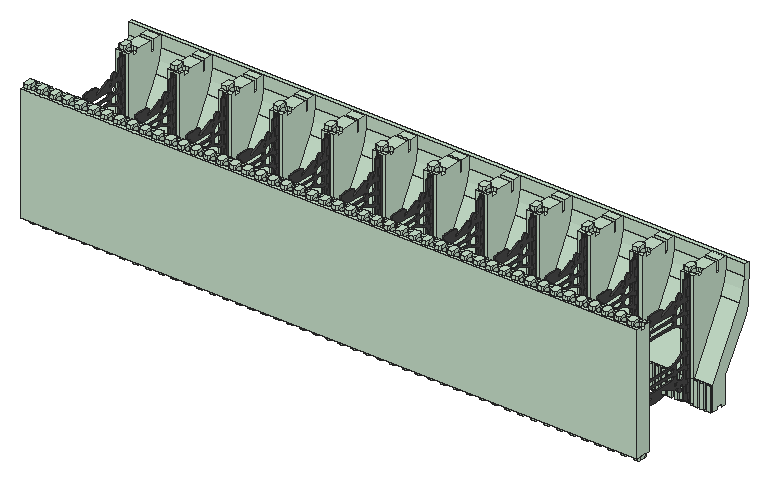
Revit family
Reference planes
  plane 1 "Center (Front/Back)": y = 0
  plane 2: z = 0
  plane 3 "Center (Left/Right)": x = 0
Forms (mm)
  Extrusion 1, solid, material "NUDURA Expanded Polystyrene Foam Insulation"
    sketch origin (0, -152.484, 0) x (1, 0, 0) y (0, 1, 0)
      loop
        line (7.142, -82.55) -> (0, -82.55) -> (0, -142.875) -> (2438.4, -142.875) -> (2438.4, -82.55) -> (2431.258, -82.55) -> (2432.842, -76.2) -> (2418.558, -76.2) -> (2420.142, -82.55) -> (2405.858, -82.55) -> (2407.442, -76.2) -> (2393.158, -76.2) -> (2394.742, -82.55) -> (2380.458, -82.55) -> (2382.042, -76.2) -> (2367.758, -76.2) -> (2369.342, -82.55) -> (2304.258, -82.55) -> (2305.842, -76.2) -> (2291.558, -76.2) -> (2293.142, -82.55) -> (2278.858, -82.55) -> (2280.442, -76.2) -> (2266.158, -76.2) -> (2267.742, -82.55) -> (2253.458, -82.55) -> (2255.042, -76.2) -> (2240.758, -76.2) -> (2242.342, -82.55) -> (2228.058, -82.55) -> (2229.642, -76.2) -> (2215.358, -76.2) -> (2216.942, -82.55) -> (2202.658, -82.55) -> (2204.242, -76.2) -> (2189.958, -76.2) -> (2191.542, -82.55) -> (2177.258, -82.55) -> (2178.842, -76.2) -> (2164.558, -76.2) -> (2166.142, -82.55) -> (2101.058, -82.55) -> (2102.642, -76.2) -> (2088.358, -76.2) -> (2089.942, -82.55) -> (2075.658, -82.55) -> (2077.242, -76.2) -> (2062.958, -76.2) -> (2064.542, -82.55) -> (2050.258, -82.55) -> (2051.842, -76.2) -> (2037.558, -76.2) -> (2039.142, -82.55) -> (2024.858, -82.55) -> (2026.442, -76.2) -> (2012.158, -76.2) -> (2013.742, -82.55) -> (1999.458, -82.55) -> (2001.042, -76.2) -> (1986.758, -76.2) -> (1988.342, -82.55) -> (1974.058, -82.55) -> (1975.642, -76.2) -> (1961.358, -76.2) -> (1962.942, -82.55) -> (1897.858, -82.55) -> (1899.442, -76.2) -> (1885.158, -76.2) -> (1886.742, -82.55) -> (1872.458, -82.55) -> (1874.042, -76.2) -> (1859.758, -76.2) -> (1861.342, -82.55) -> (1847.058, -82.55) -> (1848.642, -76.2) -> (1834.358, -76.2) -> (1835.942, -82.55) -> (1821.658, -82.55) -> (1823.242, -76.2) -> (1808.958, -76.2) -> (1810.542, -82.55) -> (1796.258, -82.55) -> (1797.842, -76.2) -> (1783.558, -76.2) -> (1785.142, -82.55) -> (1770.858, -82.55) -> (1772.442, -76.2) -> (1758.158, -76.2) -> (1759.742, -82.55) -> (1694.658, -82.55) -> (1696.242, -76.2) -> (1681.958, -76.2) -> (1683.542, -82.55) -> (1669.258, -82.55) -> (1670.842, -76.2) -> (1656.558, -76.2) -> (1658.142, -82.55) -> (1643.858, -82.55) -> (1645.442, -76.2) -> (1631.158, -76.2) -> (1632.742, -82.55) -> (1618.458, -82.55) -> (1620.042, -76.2) -> (1605.758, -76.2) -> (1607.342, -82.55) -> (1593.058, -82.55) -> (1594.642, -76.2) -> (1580.358, -76.2) -> (1581.942, -82.55) -> (1567.658, -82.55) -> (1569.242, -76.2) -> (1554.958, -76.2) -> (1556.542, -82.55) -> (1491.458, -82.55) -> (1493.042, -76.2) -> (1478.758, -76.2) -> (1480.342, -82.55) -> (1466.058, -82.55) -> (1467.642, -76.2) -> (1453.358, -76.2) -> (1454.942, -82.55) -> (1440.658, -82.55) -> (1442.242, -76.2) -> (1427.958, -76.2) -> (1429.542, -82.55) -> (1415.258, -82.55) -> (1416.842, -76.2) -> (1402.558, -76.2) -> (1404.142, -82.55) -> (1389.858, -82.55) -> (1391.442, -76.2) -> (1377.158, -76.2) -> (1378.742, -82.55) -> (1364.458, -82.55) -> (1366.042, -76.2) -> (1351.758, -76.2) -> (1353.342, -82.55) -> (1288.258, -82.55) -> (1289.842, -76.2) -> (1275.558, -76.2) -> (1277.142, -82.55) -> (1262.858, -82.55) -> (1264.442, -76.2) -> (1250.158, -76.2) -> (1251.742, -82.55) -> (1237.458, -82.55) -> (1239.042, -76.2) -> (1224.758, -76.2) -> (1226.342, -82.55) -> (1212.058, -82.55) -> (1213.642, -76.2) -> (1199.358, -76.2) -> (1200.942, -82.55) -> (1186.658, -82.55) -> (1188.242, -76.2) -> (1173.958, -76.2) -> (1175.542, -82.55) -> (1161.258, -82.55) -> (1162.842, -76.2) -> (1148.558, -76.2) -> (1150.142, -82.55) -> (1085.058, -82.55) -> (1086.642, -76.2) -> (1072.358, -76.2) -> (1073.942, -82.55) -> (1059.658, -82.55) -> (1061.242, -76.2) -> (1046.958, -76.2) -> (1048.542, -82.55) -> (1034.258, -82.55) -> (1035.842, -76.2) -> (1021.558, -76.2) -> (1023.142, -82.55) -> (1008.858, -82.55) -> (1010.442, -76.2) -> (996.158, -76.2) -> (997.742, -82.55) -> (983.458, -82.55) -> (985.042, -76.2) -> (970.758, -76.2) -> (972.342, -82.55) -> (958.058, -82.55) -> (959.642, -76.2) -> (945.358, -76.2) -> (946.942, -82.55) -> (881.858, -82.55) -> (883.442, -76.2) -> (869.158, -76.2) -> (870.742, -82.55) -> (856.458, -82.55) -> (858.042, -76.2) -> (843.758, -76.2) -> (845.342, -82.55) -> (831.058, -82.55) -> (832.642, -76.2) -> (818.358, -76.2) -> (819.942, -82.55) -> (805.658, -82.55) -> (807.242, -76.2) -> (792.958, -76.2) -> (794.542, -82.55) -> (780.258, -82.55) -> (781.842, -76.2) -> (767.558, -76.2) -> (769.142, -82.55) -> (754.858, -82.55) -> (756.442, -76.2) -> (742.158, -76.2) -> (743.742, -82.55) -> (678.658, -82.55) -> (680.242, -76.2) -> (665.958, -76.2) -> (667.542, -82.55) -> (653.258, -82.55) -> (654.842, -76.2) -> (640.558, -76.2) -> (642.142, -82.55) -> (627.858, -82.55) -> (629.442, -76.2) -> (615.158, -76.2) -> (616.742, -82.55) -> (602.458, -82.55) -> (604.042, -76.2) -> (589.758, -76.2) -> (591.342, -82.55) -> (577.058, -82.55) -> (578.642, -76.2) -> (564.358, -76.2) -> (565.942, -82.55) -> (551.658, -82.55) -> (553.242, -76.2) -> (538.958, -76.2) -> (540.542, -82.55) -> (475.458, -82.55) -> (477.042, -76.2) -> (462.758, -76.2) -> (464.342, -82.55) -> (450.058, -82.55) -> (451.642, -76.2) -> (437.358, -76.2) -> (438.942, -82.55) -> (424.658, -82.55) -> (426.242, -76.2) -> (411.958, -76.2) -> (413.542, -82.55) -> (399.258, -82.55) -> (400.842, -76.2) -> (386.558, -76.2) -> (388.142, -82.55) -> (373.858, -82.55) -> (375.442, -76.2) -> (361.158, -76.2) -> (362.742, -82.55) -> (348.458, -82.55) -> (350.042, -76.2) -> (335.758, -76.2) -> (337.342, -82.55) -> (272.258, -82.55) -> (273.842, -76.2) -> (259.558, -76.2) -> (261.142, -82.55) -> (246.858, -82.55) -> (248.442, -76.2) -> (234.158, -76.2) -> (235.742, -82.55) -> (221.458, -82.55) -> (223.042, -76.2) -> (208.758, -76.2) -> (210.342, -82.55) -> (196.058, -82.55) -> (197.642, -76.2) -> (183.358, -76.2) -> (184.942, -82.55) -> (170.658, -82.55) -> (172.242, -76.2) -> (157.958, -76.2) -> (159.542, -82.55) -> (145.258, -82.55) -> (146.842, -76.2) -> (132.558, -76.2) -> (134.142, -82.55) -> (69.058, -82.55) -> (70.642, -76.2) -> (56.358, -76.2) -> (57.942, -82.55) -> (43.658, -82.55) -> (45.242, -76.2) -> (30.958, -76.2) -> (32.542, -82.55) -> (18.258, -82.55) -> (19.842, -76.2) -> (5.558, -76.2) -> (7.142, -82.55)
    from 0 to 457.2
  Extrusion 2, void
    sketch origin (0, -152.484, 0) x (1, 0, 0) y (0, 1, 0)
      loop
        arc (25.4, -124.411) -> (26.615, -128.147) -> (29.796, -130.453) r 6.35
        arc (29.796, -130.453) -> (38.1, -131.763) -> (46.404, -130.453) r 26.987
        arc (46.404, -130.453) -> (49.585, -128.147) -> (50.8, -124.411) r 6.35
        line (50.8, -124.411) -> (50.8, -101.014)
        arc (50.8, -101.014) -> (50.362, -98.696) -> (49.108, -96.698) r 6.35
        arc (49.108, -96.698) -> (48.795, -96.199) -> (48.685, -95.62) r 1.588
        line (48.685, -95.62) -> (48.685, -86.829) -> (44.346, -86.829) -> (44.346, -92.457)
        arc (44.346, -92.457) -> (43.786, -93.668) -> (42.5, -94.024) r 1.587
        arc (42.5, -94.024) -> (36.091, -93.737) -> (29.796, -94.972) r 26.988
        arc (29.796, -94.972) -> (26.615, -97.278) -> (25.4, -101.014) r 6.35
        line (25.4, -101.014) -> (25.4, -124.411)
    from 457.2 to 444.5
  Extrusion 3, void
    sketch origin (50.8, -152.484, 0) x (1, 0, 0) y (0, 1, 0)
      loop
        arc (25.4, -124.411) -> (26.615, -128.147) -> (29.796, -130.453) r 6.35
        arc (29.796, -130.453) -> (38.1, -131.763) -> (46.404, -130.453) r 26.987
        arc (46.404, -130.453) -> (49.585, -128.147) -> (50.8, -124.411) r 6.35
        line (50.8, -124.411) -> (50.8, -101.014)
        arc (50.8, -101.014) -> (50.362, -98.696) -> (49.108, -96.698) r 6.35
        arc (49.108, -96.698) -> (48.795, -96.199) -> (48.685, -95.62) r 1.588
        line (48.685, -95.62) -> (48.685, -86.829) -> (44.346, -86.829) -> (44.346, -92.457)
        arc (44.346, -92.457) -> (43.786, -93.668) -> (42.5, -94.024) r 1.587
        arc (42.5, -94.024) -> (36.091, -93.737) -> (29.796, -94.972) r 26.988
        arc (29.796, -94.972) -> (26.615, -97.278) -> (25.4, -101.014) r 6.35
        line (25.4, -101.014) -> (25.4, -124.411)
    from 457.2 to 444.5
  Extrusion 4, void
    sketch origin (101.6, -152.484, 0) x (1, 0, 0) y (0, 1, 0)
      loop
        arc (25.4, -124.411) -> (26.615, -128.147) -> (29.796, -130.453) r 6.35
        arc (29.796, -130.453) -> (38.1, -131.763) -> (46.404, -130.453) r 26.987
        arc (46.404, -130.453) -> (49.585, -128.147) -> (50.8, -124.411) r 6.35
        line (50.8, -124.411) -> (50.8, -101.014)
        arc (50.8, -101.014) -> (50.362, -98.696) -> (49.108, -96.698) r 6.35
        arc (49.108, -96.698) -> (48.795, -96.199) -> (48.685, -95.62) r 1.588
        line (48.685, -95.62) -> (48.685, -86.829) -> (44.346, -86.829) -> (44.346, -92.457)
        arc (44.346, -92.457) -> (43.786, -93.668) -> (42.5, -94.024) r 1.587
        arc (42.5, -94.024) -> (36.091, -93.737) -> (29.796, -94.972) r 26.988
        arc (29.796, -94.972) -> (26.615, -97.278) -> (25.4, -101.014) r 6.35
        line (25.4, -101.014) -> (25.4, -124.411)
    from 457.2 to 444.5
  Extrusion 5, void
    sketch origin (152.4, -152.484, 0) x (1, 0, 0) y (0, 1, 0)
      loop
        arc (25.4, -124.411) -> (26.615, -128.147) -> (29.796, -130.453) r 6.35
        arc (29.796, -130.453) -> (38.1, -131.763) -> (46.404, -130.453) r 26.987
        arc (46.404, -130.453) -> (49.585, -128.147) -> (50.8, -124.411) r 6.35
        line (50.8, -124.411) -> (50.8, -101.014)
        arc (50.8, -101.014) -> (50.362, -98.696) -> (49.108, -96.698) r 6.35
        arc (49.108, -96.698) -> (48.795, -96.199) -> (48.685, -95.62) r 1.588
        line (48.685, -95.62) -> (48.685, -86.829) -> (44.346, -86.829) -> (44.346, -92.457)
        arc (44.346, -92.457) -> (43.786, -93.668) -> (42.5, -94.024) r 1.587
        arc (42.5, -94.024) -> (36.091, -93.737) -> (29.796, -94.972) r 26.988
        arc (29.796, -94.972) -> (26.615, -97.278) -> (25.4, -101.014) r 6.35
        line (25.4, -101.014) -> (25.4, -124.411)
    from 457.2 to 444.5
  Extrusion 6, void
    sketch origin (203.2, -152.484, 0) x (1, 0, 0) y (0, 1, 0)
      loop
        arc (25.4, -124.411) -> (26.615, -128.147) -> (29.796, -130.453) r 6.35
        arc (29.796, -130.453) -> (38.1, -131.763) -> (46.404, -130.453) r 26.987
        arc (46.404, -130.453) -> (49.585, -128.147) -> (50.8, -124.411) r 6.35
        line (50.8, -124.411) -> (50.8, -101.014)
        arc (50.8, -101.014) -> (50.362, -98.696) -> (49.108, -96.698) r 6.35
        arc (49.108, -96.698) -> (48.795, -96.199) -> (48.685, -95.62) r 1.588
        line (48.685, -95.62) -> (48.685, -86.829) -> (44.346, -86.829) -> (44.346, -92.457)
        arc (44.346, -92.457) -> (43.786, -93.668) -> (42.5, -94.024) r 1.587
        arc (42.5, -94.024) -> (36.091, -93.737) -> (29.796, -94.972) r 26.988
        arc (29.796, -94.972) -> (26.615, -97.278) -> (25.4, -101.014) r 6.35
        line (25.4, -101.014) -> (25.4, -124.411)
    from 457.2 to 444.5
  Extrusion 7, void
    sketch origin (254, -152.484, 0) x (1, 0, 0) y (0, 1, 0)
      loop
        arc (25.4, -124.411) -> (26.615, -128.147) -> (29.796, -130.453) r 6.35
        arc (29.796, -130.453) -> (38.1, -131.763) -> (46.404, -130.453) r 26.987
        arc (46.404, -130.453) -> (49.585, -128.147) -> (50.8, -124.411) r 6.35
        line (50.8, -124.411) -> (50.8, -101.014)
        arc (50.8, -101.014) -> (50.362, -98.696) -> (49.108, -96.698) r 6.35
        arc (49.108, -96.698) -> (48.795, -96.199) -> (48.685, -95.62) r 1.588
        line (48.685, -95.62) -> (48.685, -86.829) -> (44.346, -86.829) -> (44.346, -92.457)
        arc (44.346, -92.457) -> (43.786, -93.668) -> (42.5, -94.024) r 1.587
        arc (42.5, -94.024) -> (36.091, -93.737) -> (29.796, -94.972) r 26.988
        arc (29.796, -94.972) -> (26.615, -97.278) -> (25.4, -101.014) r 6.35
        line (25.4, -101.014) -> (25.4, -124.411)
    from 457.2 to 444.5
  Extrusion 8, void
    sketch origin (304.8, -152.484, 0) x (1, 0, 0) y (0, 1, 0)
      loop
        arc (25.4, -124.411) -> (26.615, -128.147) -> (29.796, -130.453) r 6.35
        arc (29.796, -130.453) -> (38.1, -131.763) -> (46.404, -130.453) r 26.987
        arc (46.404, -130.453) -> (49.585, -128.147) -> (50.8, -124.411) r 6.35
        line (50.8, -124.411) -> (50.8, -101.014)
        arc (50.8, -101.014) -> (50.362, -98.696) -> (49.108, -96.698) r 6.35
        arc (49.108, -96.698) -> (48.795, -96.199) -> (48.685, -95.62) r 1.588
        line (48.685, -95.62) -> (48.685, -86.829) -> (44.346, -86.829) -> (44.346, -92.457)
        arc (44.346, -92.457) -> (43.786, -93.668) -> (42.5, -94.024) r 1.587
        arc (42.5, -94.024) -> (36.091, -93.737) -> (29.796, -94.972) r 26.988
        arc (29.796, -94.972) -> (26.615, -97.278) -> (25.4, -101.014) r 6.35
        line (25.4, -101.014) -> (25.4, -124.411)
    from 457.2 to 444.5
  Extrusion 9, void
    sketch origin (355.6, -152.484, 0) x (1, 0, 0) y (0, 1, 0)
      loop
        arc (25.4, -124.411) -> (26.615, -128.147) -> (29.796, -130.453) r 6.35
        arc (29.796, -130.453) -> (38.1, -131.763) -> (46.404, -130.453) r 26.987
        arc (46.404, -130.453) -> (49.585, -128.147) -> (50.8, -124.411) r 6.35
        line (50.8, -124.411) -> (50.8, -101.014)
        arc (50.8, -101.014) -> (50.362, -98.696) -> (49.108, -96.698) r 6.35
        arc (49.108, -96.698) -> (48.795, -96.199) -> (48.685, -95.62) r 1.588
        line (48.685, -95.62) -> (48.685, -86.829) -> (44.346, -86.829) -> (44.346, -92.457)
        arc (44.346, -92.457) -> (43.786, -93.668) -> (42.5, -94.024) r 1.587
        arc (42.5, -94.024) -> (36.091, -93.737) -> (29.796, -94.972) r 26.988
        arc (29.796, -94.972) -> (26.615, -97.278) -> (25.4, -101.014) r 6.35
        line (25.4, -101.014) -> (25.4, -124.411)
    from 457.2 to 444.5
  Extrusion 10, void
    sketch origin (406.4, -152.484, 0) x (1, 0, 0) y (0, 1, 0)
      loop
        arc (25.4, -124.411) -> (26.615, -128.147) -> (29.796, -130.453) r 6.35
        arc (29.796, -130.453) -> (38.1, -131.763) -> (46.404, -130.453) r 26.987
        arc (46.404, -130.453) -> (49.585, -128.147) -> (50.8, -124.411) r 6.35
        line (50.8, -124.411) -> (50.8, -101.014)
        arc (50.8, -101.014) -> (50.362, -98.696) -> (49.108, -96.698) r 6.35
        arc (49.108, -96.698) -> (48.795, -96.199) -> (48.685, -95.62) r 1.588
        line (48.685, -95.62) -> (48.685, -86.829) -> (44.346, -86.829) -> (44.346, -92.457)
        arc (44.346, -92.457) -> (43.786, -93.668) -> (42.5, -94.024) r 1.587
        arc (42.5, -94.024) -> (36.091, -93.737) -> (29.796, -94.972) r 26.988
        arc (29.796, -94.972) -> (26.615, -97.278) -> (25.4, -101.014) r 6.35
        line (25.4, -101.014) -> (25.4, -124.411)
    from 457.2 to 444.5
  Extrusion 11, void
    sketch origin (457.2, -152.484, 0) x (1, 0, 0) y (0, 1, 0)
      loop
        arc (25.4, -124.411) -> (26.615, -128.147) -> (29.796, -130.453) r 6.35
        arc (29.796, -130.453) -> (38.1, -131.763) -> (46.404, -130.453) r 26.987
        arc (46.404, -130.453) -> (49.585, -128.147) -> (50.8, -124.411) r 6.35
        line (50.8, -124.411) -> (50.8, -101.014)
        arc (50.8, -101.014) -> (50.362, -98.696) -> (49.108, -96.698) r 6.35
        arc (49.108, -96.698) -> (48.795, -96.199) -> (48.685, -95.62) r 1.588
        line (48.685, -95.62) -> (48.685, -86.829) -> (44.346, -86.829) -> (44.346, -92.457)
        arc (44.346, -92.457) -> (43.786, -93.668) -> (42.5, -94.024) r 1.587
        arc (42.5, -94.024) -> (36.091, -93.737) -> (29.796, -94.972) r 26.988
        arc (29.796, -94.972) -> (26.615, -97.278) -> (25.4, -101.014) r 6.35
        line (25.4, -101.014) -> (25.4, -124.411)
    from 457.2 to 444.5
  Extrusion 12, void
    sketch origin (508, -152.484, 0) x (1, 0, 0) y (0, 1, 0)
      loop
        arc (25.4, -124.411) -> (26.615, -128.147) -> (29.796, -130.453) r 6.35
        arc (29.796, -130.453) -> (38.1, -131.763) -> (46.404, -130.453) r 26.987
        arc (46.404, -130.453) -> (49.585, -128.147) -> (50.8, -124.411) r 6.35
        line (50.8, -124.411) -> (50.8, -101.014)
        arc (50.8, -101.014) -> (50.362, -98.696) -> (49.108, -96.698) r 6.35
        arc (49.108, -96.698) -> (48.795, -96.199) -> (48.685, -95.62) r 1.588
        line (48.685, -95.62) -> (48.685, -86.829) -> (44.346, -86.829) -> (44.346, -92.457)
        arc (44.346, -92.457) -> (43.786, -93.668) -> (42.5, -94.024) r 1.587
        arc (42.5, -94.024) -> (36.091, -93.737) -> (29.796, -94.972) r 26.988
        arc (29.796, -94.972) -> (26.615, -97.278) -> (25.4, -101.014) r 6.35
        line (25.4, -101.014) -> (25.4, -124.411)
    from 457.2 to 444.5
  Extrusion 13, void
    sketch origin (558.8, -152.484, 0) x (1, 0, 0) y (0, 1, 0)
      loop
        arc (25.4, -124.411) -> (26.615, -128.147) -> (29.796, -130.453) r 6.35
        arc (29.796, -130.453) -> (38.1, -131.763) -> (46.404, -130.453) r 26.987
        arc (46.404, -130.453) -> (49.585, -128.147) -> (50.8, -124.411) r 6.35
        line (50.8, -124.411) -> (50.8, -101.014)
        arc (50.8, -101.014) -> (50.362, -98.696) -> (49.108, -96.698) r 6.35
        arc (49.108, -96.698) -> (48.795, -96.199) -> (48.685, -95.62) r 1.588
        line (48.685, -95.62) -> (48.685, -86.829) -> (44.346, -86.829) -> (44.346, -92.457)
        arc (44.346, -92.457) -> (43.786, -93.668) -> (42.5, -94.024) r 1.587
        arc (42.5, -94.024) -> (36.091, -93.737) -> (29.796, -94.972) r 26.988
        arc (29.796, -94.972) -> (26.615, -97.278) -> (25.4, -101.014) r 6.35
        line (25.4, -101.014) -> (25.4, -124.411)
    from 457.2 to 444.5
  Extrusion 14, void
    sketch origin (609.6, -152.484, 0) x (1, 0, 0) y (0, 1, 0)
      loop
        arc (25.4, -124.411) -> (26.615, -128.147) -> (29.796, -130.453) r 6.35
        arc (29.796, -130.453) -> (38.1, -131.763) -> (46.404, -130.453) r 26.987
        arc (46.404, -130.453) -> (49.585, -128.147) -> (50.8, -124.411) r 6.35
        line (50.8, -124.411) -> (50.8, -101.014)
        arc (50.8, -101.014) -> (50.362, -98.696) -> (49.108, -96.698) r 6.35
        arc (49.108, -96.698) -> (48.795, -96.199) -> (48.685, -95.62) r 1.588
        line (48.685, -95.62) -> (48.685, -86.829) -> (44.346, -86.829) -> (44.346, -92.457)
        arc (44.346, -92.457) -> (43.786, -93.668) -> (42.5, -94.024) r 1.587
        arc (42.5, -94.024) -> (36.091, -93.737) -> (29.796, -94.972) r 26.988
        arc (29.796, -94.972) -> (26.615, -97.278) -> (25.4, -101.014) r 6.35
        line (25.4, -101.014) -> (25.4, -124.411)
    from 457.2 to 444.5
  Extrusion 15, void
    sketch origin (660.4, -152.484, 0) x (1, 0, 0) y (0, 1, 0)
      loop
        arc (25.4, -124.411) -> (26.615, -128.147) -> (29.796, -130.453) r 6.35
        arc (29.796, -130.453) -> (38.1, -131.763) -> (46.404, -130.453) r 26.987
        arc (46.404, -130.453) -> (49.585, -128.147) -> (50.8, -124.411) r 6.35
        line (50.8, -124.411) -> (50.8, -101.014)
        arc (50.8, -101.014) -> (50.362, -98.696) -> (49.108, -96.698) r 6.35
        arc (49.108, -96.698) -> (48.795, -96.199) -> (48.685, -95.62) r 1.588
        line (48.685, -95.62) -> (48.685, -86.829) -> (44.346, -86.829) -> (44.346, -92.457)
        arc (44.346, -92.457) -> (43.786, -93.668) -> (42.5, -94.024) r 1.587
        arc (42.5, -94.024) -> (36.091, -93.737) -> (29.796, -94.972) r 26.988
        arc (29.796, -94.972) -> (26.615, -97.278) -> (25.4, -101.014) r 6.35
        line (25.4, -101.014) -> (25.4, -124.411)
    from 457.2 to 444.5
  Extrusion 16, void
    sketch origin (711.2, -152.484, 0) x (1, 0, 0) y (0, 1, 0)
      loop
        arc (25.4, -124.411) -> (26.615, -128.147) -> (29.796, -130.453) r 6.35
        arc (29.796, -130.453) -> (38.1, -131.763) -> (46.404, -130.453) r 26.987
        arc (46.404, -130.453) -> (49.585, -128.147) -> (50.8, -124.411) r 6.35
        line (50.8, -124.411) -> (50.8, -101.014)
        arc (50.8, -101.014) -> (50.362, -98.696) -> (49.108, -96.698) r 6.35
        arc (49.108, -96.698) -> (48.795, -96.199) -> (48.685, -95.62) r 1.588
        line (48.685, -95.62) -> (48.685, -86.829) -> (44.346, -86.829) -> (44.346, -92.457)
        arc (44.346, -92.457) -> (43.786, -93.668) -> (42.5, -94.024) r 1.587
        arc (42.5, -94.024) -> (36.091, -93.737) -> (29.796, -94.972) r 26.988
        arc (29.796, -94.972) -> (26.615, -97.278) -> (25.4, -101.014) r 6.35
        line (25.4, -101.014) -> (25.4, -124.411)
    from 457.2 to 444.5
  Extrusion 17, void
    sketch origin (762, -152.484, 0) x (1, 0, 0) y (0, 1, 0)
      loop
        arc (25.4, -124.411) -> (26.615, -128.147) -> (29.796, -130.453) r 6.35
        arc (29.796, -130.453) -> (38.1, -131.763) -> (46.404, -130.453) r 26.987
        arc (46.404, -130.453) -> (49.585, -128.147) -> (50.8, -124.411) r 6.35
        line (50.8, -124.411) -> (50.8, -101.014)
        arc (50.8, -101.014) -> (50.362, -98.696) -> (49.108, -96.698) r 6.35
        arc (49.108, -96.698) -> (48.795, -96.199) -> (48.685, -95.62) r 1.588
        line (48.685, -95.62) -> (48.685, -86.829) -> (44.346, -86.829) -> (44.346, -92.457)
        arc (44.346, -92.457) -> (43.786, -93.668) -> (42.5, -94.024) r 1.587
        arc (42.5, -94.024) -> (36.091, -93.737) -> (29.796, -94.972) r 26.988
        arc (29.796, -94.972) -> (26.615, -97.278) -> (25.4, -101.014) r 6.35
        line (25.4, -101.014) -> (25.4, -124.411)
    from 457.2 to 444.5
  Extrusion 18, void
    sketch origin (812.8, -152.484, 0) x (1, 0, 0) y (0, 1, 0)
      loop
        arc (25.4, -124.411) -> (26.615, -128.147) -> (29.796, -130.453) r 6.35
        arc (29.796, -130.453) -> (38.1, -131.763) -> (46.404, -130.453) r 26.987
        arc (46.404, -130.453) -> (49.585, -128.147) -> (50.8, -124.411) r 6.35
        line (50.8, -124.411) -> (50.8, -101.014)
        arc (50.8, -101.014) -> (50.362, -98.696) -> (49.108, -96.698) r 6.35
        arc (49.108, -96.698) -> (48.795, -96.199) -> (48.685, -95.62) r 1.588
        line (48.685, -95.62) -> (48.685, -86.829) -> (44.346, -86.829) -> (44.346, -92.457)
        arc (44.346, -92.457) -> (43.786, -93.668) -> (42.5, -94.024) r 1.587
        arc (42.5, -94.024) -> (36.091, -93.737) -> (29.796, -94.972) r 26.988
        arc (29.796, -94.972) -> (26.615, -97.278) -> (25.4, -101.014) r 6.35
        line (25.4, -101.014) -> (25.4, -124.411)
    from 457.2 to 444.5
  Extrusion 19, void
    sketch origin (863.6, -152.484, 0) x (1, 0, 0) y (0, 1, 0)
      loop
        arc (25.4, -124.411) -> (26.615, -128.147) -> (29.796, -130.453) r 6.35
        arc (29.796, -130.453) -> (38.1, -131.763) -> (46.404, -130.453) r 26.987
        arc (46.404, -130.453) -> (49.585, -128.147) -> (50.8, -124.411) r 6.35
        line (50.8, -124.411) -> (50.8, -101.014)
        arc (50.8, -101.014) -> (50.362, -98.696) -> (49.108, -96.698) r 6.35
        arc (49.108, -96.698) -> (48.795, -96.199) -> (48.685, -95.62) r 1.588
        line (48.685, -95.62) -> (48.685, -86.829) -> (44.346, -86.829) -> (44.346, -92.457)
        arc (44.346, -92.457) -> (43.786, -93.668) -> (42.5, -94.024) r 1.587
        arc (42.5, -94.024) -> (36.091, -93.737) -> (29.796, -94.972) r 26.988
        arc (29.796, -94.972) -> (26.615, -97.278) -> (25.4, -101.014) r 6.35
        line (25.4, -101.014) -> (25.4, -124.411)
    from 457.2 to 444.5
  Extrusion 20, void
    sketch origin (914.4, -152.484, 0) x (1, 0, 0) y (0, 1, 0)
      loop
        arc (25.4, -124.411) -> (26.615, -128.147) -> (29.796, -130.453) r 6.35
        arc (29.796, -130.453) -> (38.1, -131.763) -> (46.404, -130.453) r 26.987
        arc (46.404, -130.453) -> (49.585, -128.147) -> (50.8, -124.411) r 6.35
        line (50.8, -124.411) -> (50.8, -101.014)
        arc (50.8, -101.014) -> (50.362, -98.696) -> (49.108, -96.698) r 6.35
        arc (49.108, -96.698) -> (48.795, -96.199) -> (48.685, -95.62) r 1.588
        line (48.685, -95.62) -> (48.685, -86.829) -> (44.346, -86.829) -> (44.346, -92.457)
        arc (44.346, -92.457) -> (43.786, -93.668) -> (42.5, -94.024) r 1.587
        arc (42.5, -94.024) -> (36.091, -93.737) -> (29.796, -94.972) r 26.988
        arc (29.796, -94.972) -> (26.615, -97.278) -> (25.4, -101.014) r 6.35
        line (25.4, -101.014) -> (25.4, -124.411)
    from 457.2 to 444.5
  Extrusion 21, void
    sketch origin (965.2, -152.484, 0) x (1, 0, 0) y (0, 1, 0)
      loop
        arc (25.4, -124.411) -> (26.615, -128.147) -> (29.796, -130.453) r 6.35
        arc (29.796, -130.453) -> (38.1, -131.763) -> (46.404, -130.453) r 26.987
        arc (46.404, -130.453) -> (49.585, -128.147) -> (50.8, -124.411) r 6.35
        line (50.8, -124.411) -> (50.8, -101.014)
        arc (50.8, -101.014) -> (50.362, -98.696) -> (49.108, -96.698) r 6.35
        arc (49.108, -96.698) -> (48.795, -96.199) -> (48.685, -95.62) r 1.588
        line (48.685, -95.62) -> (48.685, -86.829) -> (44.346, -86.829) -> (44.346, -92.457)
        arc (44.346, -92.457) -> (43.786, -93.668) -> (42.5, -94.024) r 1.587
        arc (42.5, -94.024) -> (36.091, -93.737) -> (29.796, -94.972) r 26.988
        arc (29.796, -94.972) -> (26.615, -97.278) -> (25.4, -101.014) r 6.35
        line (25.4, -101.014) -> (25.4, -124.411)
    from 457.2 to 444.5
  Extrusion 22, void
    sketch origin (1016, -152.484, 0) x (1, 0, 0) y (0, 1, 0)
      loop
        arc (25.4, -124.411) -> (26.615, -128.147) -> (29.796, -130.453) r 6.35
        arc (29.796, -130.453) -> (38.1, -131.763) -> (46.404, -130.453) r 26.987
        arc (46.404, -130.453) -> (49.585, -128.147) -> (50.8, -124.411) r 6.35
        line (50.8, -124.411) -> (50.8, -101.014)
        arc (50.8, -101.014) -> (50.362, -98.696) -> (49.108, -96.698) r 6.35
        arc (49.108, -96.698) -> (48.795, -96.199) -> (48.685, -95.62) r 1.588
        line (48.685, -95.62) -> (48.685, -86.829) -> (44.346, -86.829) -> (44.346, -92.457)
        arc (44.346, -92.457) -> (43.786, -93.668) -> (42.5, -94.024) r 1.587
        arc (42.5, -94.024) -> (36.091, -93.737) -> (29.796, -94.972) r 26.988
        arc (29.796, -94.972) -> (26.615, -97.278) -> (25.4, -101.014) r 6.35
        line (25.4, -101.014) -> (25.4, -124.411)
    from 457.2 to 444.5
  Extrusion 23, void
    sketch origin (1066.8, -152.484, 0) x (1, 0, 0) y (0, 1, 0)
      loop
        arc (25.4, -124.411) -> (26.615, -128.147) -> (29.796, -130.453) r 6.35
        arc (29.796, -130.453) -> (38.1, -131.763) -> (46.404, -130.453) r 26.987
        arc (46.404, -130.453) -> (49.585, -128.147) -> (50.8, -124.411) r 6.35
        line (50.8, -124.411) -> (50.8, -101.014)
        arc (50.8, -101.014) -> (50.362, -98.696) -> (49.108, -96.698) r 6.35
        arc (49.108, -96.698) -> (48.795, -96.199) -> (48.685, -95.62) r 1.588
        line (48.685, -95.62) -> (48.685, -86.829) -> (44.346, -86.829) -> (44.346, -92.457)
        arc (44.346, -92.457) -> (43.786, -93.668) -> (42.5, -94.024) r 1.587
        arc (42.5, -94.024) -> (36.091, -93.737) -> (29.796, -94.972) r 26.988
        arc (29.796, -94.972) -> (26.615, -97.278) -> (25.4, -101.014) r 6.35
        line (25.4, -101.014) -> (25.4, -124.411)
    from 457.2 to 444.5
  Extrusion 24, void
    sketch origin (1117.6, -152.484, 0) x (1, 0, 0) y (0, 1, 0)
      loop
        arc (25.4, -124.411) -> (26.615, -128.147) -> (29.796, -130.453) r 6.35
        arc (29.796, -130.453) -> (38.1, -131.763) -> (46.404, -130.453) r 26.987
        arc (46.404, -130.453) -> (49.585, -128.147) -> (50.8, -124.411) r 6.35
        line (50.8, -124.411) -> (50.8, -101.014)
        arc (50.8, -101.014) -> (50.362, -98.696) -> (49.108, -96.698) r 6.35
        arc (49.108, -96.698) -> (48.795, -96.199) -> (48.685, -95.62) r 1.588
        line (48.685, -95.62) -> (48.685, -86.829) -> (44.346, -86.829) -> (44.346, -92.457)
        arc (44.346, -92.457) -> (43.786, -93.668) -> (42.5, -94.024) r 1.587
        arc (42.5, -94.024) -> (36.091, -93.737) -> (29.796, -94.972) r 26.988
        arc (29.796, -94.972) -> (26.615, -97.278) -> (25.4, -101.014) r 6.35
        line (25.4, -101.014) -> (25.4, -124.411)
    from 457.2 to 444.5
  Extrusion 25, void
    sketch origin (1168.4, -152.484, 0) x (1, 0, 0) y (0, 1, 0)
      loop
        arc (25.4, -124.411) -> (26.615, -128.147) -> (29.796, -130.453) r 6.35
        arc (29.796, -130.453) -> (38.1, -131.763) -> (46.404, -130.453) r 26.987
        arc (46.404, -130.453) -> (49.585, -128.147) -> (50.8, -124.411) r 6.35
        line (50.8, -124.411) -> (50.8, -101.014)
        arc (50.8, -101.014) -> (50.362, -98.696) -> (49.108, -96.698) r 6.35
        arc (49.108, -96.698) -> (48.795, -96.199) -> (48.685, -95.62) r 1.588
        line (48.685, -95.62) -> (48.685, -86.829) -> (44.346, -86.829) -> (44.346, -92.457)
        arc (44.346, -92.457) -> (43.786, -93.668) -> (42.5, -94.024) r 1.587
        arc (42.5, -94.024) -> (36.091, -93.737) -> (29.796, -94.972) r 26.988
        arc (29.796, -94.972) -> (26.615, -97.278) -> (25.4, -101.014) r 6.35
        line (25.4, -101.014) -> (25.4, -124.411)
    from 457.2 to 444.5
  Extrusion 26, void
    sketch origin (1219.2, -152.484, 0) x (1, 0, 0) y (0, 1, 0)
      loop
        arc (25.4, -124.411) -> (26.615, -128.147) -> (29.796, -130.453) r 6.35
        arc (29.796, -130.453) -> (38.1, -131.763) -> (46.404, -130.453) r 26.987
        arc (46.404, -130.453) -> (49.585, -128.147) -> (50.8, -124.411) r 6.35
        line (50.8, -124.411) -> (50.8, -101.014)
        arc (50.8, -101.014) -> (50.362, -98.696) -> (49.108, -96.698) r 6.35
        arc (49.108, -96.698) -> (48.795, -96.199) -> (48.685, -95.62) r 1.588
        line (48.685, -95.62) -> (48.685, -86.829) -> (44.346, -86.829) -> (44.346, -92.457)
        arc (44.346, -92.457) -> (43.786, -93.668) -> (42.5, -94.024) r 1.587
        arc (42.5, -94.024) -> (36.091, -93.737) -> (29.796, -94.972) r 26.988
        arc (29.796, -94.972) -> (26.615, -97.278) -> (25.4, -101.014) r 6.35
        line (25.4, -101.014) -> (25.4, -124.411)
    from 457.2 to 444.5
  Extrusion 27, void
    sketch origin (1270, -152.484, 0) x (1, 0, 0) y (0, 1, 0)
      loop
        arc (25.4, -124.411) -> (26.615, -128.147) -> (29.796, -130.453) r 6.35
        arc (29.796, -130.453) -> (38.1, -131.763) -> (46.404, -130.453) r 26.987
        arc (46.404, -130.453) -> (49.585, -128.147) -> (50.8, -124.411) r 6.35
        line (50.8, -124.411) -> (50.8, -101.014)
        arc (50.8, -101.014) -> (50.362, -98.696) -> (49.108, -96.698) r 6.35
        arc (49.108, -96.698) -> (48.795, -96.199) -> (48.685, -95.62) r 1.588
        line (48.685, -95.62) -> (48.685, -86.829) -> (44.346, -86.829) -> (44.346, -92.457)
        arc (44.346, -92.457) -> (43.786, -93.668) -> (42.5, -94.024) r 1.587
        arc (42.5, -94.024) -> (36.091, -93.737) -> (29.796, -94.972) r 26.988
        arc (29.796, -94.972) -> (26.615, -97.278) -> (25.4, -101.014) r 6.35
        line (25.4, -101.014) -> (25.4, -124.411)
    from 457.2 to 444.5
  Extrusion 28, void
    sketch origin (1320.8, -152.484, 0) x (1, 0, 0) y (0, 1, 0)
      loop
        arc (25.4, -124.411) -> (26.615, -128.147) -> (29.796, -130.453) r 6.35
        arc (29.796, -130.453) -> (38.1, -131.763) -> (46.404, -130.453) r 26.987
        arc (46.404, -130.453) -> (49.585, -128.147) -> (50.8, -124.411) r 6.35
        line (50.8, -124.411) -> (50.8, -101.014)
        arc (50.8, -101.014) -> (50.362, -98.696) -> (49.108, -96.698) r 6.35
        arc (49.108, -96.698) -> (48.795, -96.199) -> (48.685, -95.62) r 1.588
        line (48.685, -95.62) -> (48.685, -86.829) -> (44.346, -86.829) -> (44.346, -92.457)
        arc (44.346, -92.457) -> (43.786, -93.668) -> (42.5, -94.024) r 1.587
        arc (42.5, -94.024) -> (36.091, -93.737) -> (29.796, -94.972) r 26.988
        arc (29.796, -94.972) -> (26.615, -97.278) -> (25.4, -101.014) r 6.35
        line (25.4, -101.014) -> (25.4, -124.411)
    from 457.2 to 444.5
  Extrusion 29, void
    sketch origin (1371.6, -152.484, 0) x (1, 0, 0) y (0, 1, 0)
      loop
        arc (25.4, -124.411) -> (26.615, -128.147) -> (29.796, -130.453) r 6.35
        arc (29.796, -130.453) -> (38.1, -131.763) -> (46.404, -130.453) r 26.987
        arc (46.404, -130.453) -> (49.585, -128.147) -> (50.8, -124.411) r 6.35
        line (50.8, -124.411) -> (50.8, -101.014)
        arc (50.8, -101.014) -> (50.362, -98.696) -> (49.108, -96.698) r 6.35
        arc (49.108, -96.698) -> (48.795, -96.199) -> (48.685, -95.62) r 1.588
        line (48.685, -95.62) -> (48.685, -86.829) -> (44.346, -86.829) -> (44.346, -92.457)
        arc (44.346, -92.457) -> (43.786, -93.668) -> (42.5, -94.024) r 1.587
        arc (42.5, -94.024) -> (36.091, -93.737) -> (29.796, -94.972) r 26.988
        arc (29.796, -94.972) -> (26.615, -97.278) -> (25.4, -101.014) r 6.35
        line (25.4, -101.014) -> (25.4, -124.411)
    from 457.2 to 444.5
  Extrusion 30, void
    sketch origin (1422.4, -152.484, 0) x (1, 0, 0) y (0, 1, 0)
      loop
        arc (25.4, -124.411) -> (26.615, -128.147) -> (29.796, -130.453) r 6.35
        arc (29.796, -130.453) -> (38.1, -131.763) -> (46.404, -130.453) r 26.987
        arc (46.404, -130.453) -> (49.585, -128.147) -> (50.8, -124.411) r 6.35
        line (50.8, -124.411) -> (50.8, -101.014)
        arc (50.8, -101.014) -> (50.362, -98.696) -> (49.108, -96.698) r 6.35
        arc (49.108, -96.698) -> (48.795, -96.199) -> (48.685, -95.62) r 1.588
        line (48.685, -95.62) -> (48.685, -86.829) -> (44.346, -86.829) -> (44.346, -92.457)
        arc (44.346, -92.457) -> (43.786, -93.668) -> (42.5, -94.024) r 1.587
        arc (42.5, -94.024) -> (36.091, -93.737) -> (29.796, -94.972) r 26.988
        arc (29.796, -94.972) -> (26.615, -97.278) -> (25.4, -101.014) r 6.35
        line (25.4, -101.014) -> (25.4, -124.411)
    from 457.2 to 444.5
  Extrusion 31, void
    sketch origin (1473.2, -152.484, 0) x (1, 0, 0) y (0, 1, 0)
      loop
        arc (25.4, -124.411) -> (26.615, -128.147) -> (29.796, -130.453) r 6.35
        arc (29.796, -130.453) -> (38.1, -131.763) -> (46.404, -130.453) r 26.987
        arc (46.404, -130.453) -> (49.585, -128.147) -> (50.8, -124.411) r 6.35
        line (50.8, -124.411) -> (50.8, -101.014)
        arc (50.8, -101.014) -> (50.362, -98.696) -> (49.108, -96.698) r 6.35
        arc (49.108, -96.698) -> (48.795, -96.199) -> (48.685, -95.62) r 1.588
        line (48.685, -95.62) -> (48.685, -86.829) -> (44.346, -86.829) -> (44.346, -92.457)
        arc (44.346, -92.457) -> (43.786, -93.668) -> (42.5, -94.024) r 1.587
        arc (42.5, -94.024) -> (36.091, -93.737) -> (29.796, -94.972) r 26.988
        arc (29.796, -94.972) -> (26.615, -97.278) -> (25.4, -101.014) r 6.35
        line (25.4, -101.014) -> (25.4, -124.411)
    from 457.2 to 444.5
  Extrusion 32, void
    sketch origin (1524, -152.484, 0) x (1, 0, 0) y (0, 1, 0)
      loop
        arc (25.4, -124.411) -> (26.615, -128.147) -> (29.796, -130.453) r 6.35
        arc (29.796, -130.453) -> (38.1, -131.763) -> (46.404, -130.453) r 26.987
        arc (46.404, -130.453) -> (49.585, -128.147) -> (50.8, -124.411) r 6.35
        line (50.8, -124.411) -> (50.8, -101.014)
        arc (50.8, -101.014) -> (50.362, -98.696) -> (49.108, -96.698) r 6.35
        arc (49.108, -96.698) -> (48.795, -96.199) -> (48.685, -95.62) r 1.588
        line (48.685, -95.62) -> (48.685, -86.829) -> (44.346, -86.829) -> (44.346, -92.457)
        arc (44.346, -92.457) -> (43.786, -93.668) -> (42.5, -94.024) r 1.587
        arc (42.5, -94.024) -> (36.091, -93.737) -> (29.796, -94.972) r 26.988
        arc (29.796, -94.972) -> (26.615, -97.278) -> (25.4, -101.014) r 6.35
        line (25.4, -101.014) -> (25.4, -124.411)
    from 457.2 to 444.5
  Extrusion 33, void
    sketch origin (1574.8, -152.484, 0) x (1, 0, 0) y (0, 1, 0)
      loop
        arc (25.4, -124.411) -> (26.615, -128.147) -> (29.796, -130.453) r 6.35
        arc (29.796, -130.453) -> (38.1, -131.763) -> (46.404, -130.453) r 26.987
        arc (46.404, -130.453) -> (49.585, -128.147) -> (50.8, -124.411) r 6.35
        line (50.8, -124.411) -> (50.8, -101.014)
        arc (50.8, -101.014) -> (50.362, -98.696) -> (49.108, -96.698) r 6.35
        arc (49.108, -96.698) -> (48.795, -96.199) -> (48.685, -95.62) r 1.588
        line (48.685, -95.62) -> (48.685, -86.829) -> (44.346, -86.829) -> (44.346, -92.457)
        arc (44.346, -92.457) -> (43.786, -93.668) -> (42.5, -94.024) r 1.587
        arc (42.5, -94.024) -> (36.091, -93.737) -> (29.796, -94.972) r 26.988
        arc (29.796, -94.972) -> (26.615, -97.278) -> (25.4, -101.014) r 6.35
        line (25.4, -101.014) -> (25.4, -124.411)
    from 457.2 to 444.5
  Extrusion 34, void
    sketch origin (1625.6, -152.484, 0) x (1, 0, 0) y (0, 1, 0)
      loop
        arc (25.4, -124.411) -> (26.615, -128.147) -> (29.796, -130.453) r 6.35
        arc (29.796, -130.453) -> (38.1, -131.763) -> (46.404, -130.453) r 26.987
        arc (46.404, -130.453) -> (49.585, -128.147) -> (50.8, -124.411) r 6.35
        line (50.8, -124.411) -> (50.8, -101.014)
        arc (50.8, -101.014) -> (50.362, -98.696) -> (49.108, -96.698) r 6.35
        arc (49.108, -96.698) -> (48.795, -96.199) -> (48.685, -95.62) r 1.588
        line (48.685, -95.62) -> (48.685, -86.829) -> (44.346, -86.829) -> (44.346, -92.457)
        arc (44.346, -92.457) -> (43.786, -93.668) -> (42.5, -94.024) r 1.587
        arc (42.5, -94.024) -> (36.091, -93.737) -> (29.796, -94.972) r 26.988
        arc (29.796, -94.972) -> (26.615, -97.278) -> (25.4, -101.014) r 6.35
        line (25.4, -101.014) -> (25.4, -124.411)
    from 457.2 to 444.5
  Extrusion 35, void
    sketch origin (1676.4, -152.484, 0) x (1, 0, 0) y (0, 1, 0)
      loop
        arc (25.4, -124.411) -> (26.615, -128.147) -> (29.796, -130.453) r 6.35
        arc (29.796, -130.453) -> (38.1, -131.763) -> (46.404, -130.453) r 26.987
        arc (46.404, -130.453) -> (49.585, -128.147) -> (50.8, -124.411) r 6.35
        line (50.8, -124.411) -> (50.8, -101.014)
        arc (50.8, -101.014) -> (50.362, -98.696) -> (49.108, -96.698) r 6.35
        arc (49.108, -96.698) -> (48.795, -96.199) -> (48.685, -95.62) r 1.588
        line (48.685, -95.62) -> (48.685, -86.829) -> (44.346, -86.829) -> (44.346, -92.457)
        arc (44.346, -92.457) -> (43.786, -93.668) -> (42.5, -94.024) r 1.587
        arc (42.5, -94.024) -> (36.091, -93.737) -> (29.796, -94.972) r 26.988
        arc (29.796, -94.972) -> (26.615, -97.278) -> (25.4, -101.014) r 6.35
        line (25.4, -101.014) -> (25.4, -124.411)
    from 457.2 to 444.5
  Extrusion 36, void
    sketch origin (1727.2, -152.484, 0) x (1, 0, 0) y (0, 1, 0)
      loop
        arc (25.4, -124.411) -> (26.615, -128.147) -> (29.796, -130.453) r 6.35
        arc (29.796, -130.453) -> (38.1, -131.763) -> (46.404, -130.453) r 26.987
        arc (46.404, -130.453) -> (49.585, -128.147) -> (50.8, -124.411) r 6.35
        line (50.8, -124.411) -> (50.8, -101.014)
        arc (50.8, -101.014) -> (50.362, -98.696) -> (49.108, -96.698) r 6.35
        arc (49.108, -96.698) -> (48.795, -96.199) -> (48.685, -95.62) r 1.588
        line (48.685, -95.62) -> (48.685, -86.829) -> (44.346, -86.829) -> (44.346, -92.457)
        arc (44.346, -92.457) -> (43.786, -93.668) -> (42.5, -94.024) r 1.587
        arc (42.5, -94.024) -> (36.091, -93.737) -> (29.796, -94.972) r 26.988
        arc (29.796, -94.972) -> (26.615, -97.278) -> (25.4, -101.014) r 6.35
        line (25.4, -101.014) -> (25.4, -124.411)
    from 457.2 to 444.5
  Extrusion 37, void
    sketch origin (1778, -152.484, 0) x (1, 0, 0) y (0, 1, 0)
      loop
        arc (25.4, -124.411) -> (26.615, -128.147) -> (29.796, -130.453) r 6.35
        arc (29.796, -130.453) -> (38.1, -131.763) -> (46.404, -130.453) r 26.987
        arc (46.404, -130.453) -> (49.585, -128.147) -> (50.8, -124.411) r 6.35
        line (50.8, -124.411) -> (50.8, -101.014)
        arc (50.8, -101.014) -> (50.362, -98.696) -> (49.108, -96.698) r 6.35
        arc (49.108, -96.698) -> (48.795, -96.199) -> (48.685, -95.62) r 1.588
        line (48.685, -95.62) -> (48.685, -86.829) -> (44.346, -86.829) -> (44.346, -92.457)
        arc (44.346, -92.457) -> (43.786, -93.668) -> (42.5, -94.024) r 1.587
        arc (42.5, -94.024) -> (36.091, -93.737) -> (29.796, -94.972) r 26.988
        arc (29.796, -94.972) -> (26.615, -97.278) -> (25.4, -101.014) r 6.35
        line (25.4, -101.014) -> (25.4, -124.411)
    from 457.2 to 444.5
  Extrusion 38, void
    sketch origin (1828.8, -152.484, 0) x (1, 0, 0) y (0, 1, 0)
      loop
        arc (25.4, -124.411) -> (26.615, -128.147) -> (29.796, -130.453) r 6.35
        arc (29.796, -130.453) -> (38.1, -131.763) -> (46.404, -130.453) r 26.987
        arc (46.404, -130.453) -> (49.585, -128.147) -> (50.8, -124.411) r 6.35
        line (50.8, -124.411) -> (50.8, -101.014)
        arc (50.8, -101.014) -> (50.362, -98.696) -> (49.108, -96.698) r 6.35
        arc (49.108, -96.698) -> (48.795, -96.199) -> (48.685, -95.62) r 1.588
        line (48.685, -95.62) -> (48.685, -86.829) -> (44.346, -86.829) -> (44.346, -92.457)
        arc (44.346, -92.457) -> (43.786, -93.668) -> (42.5, -94.024) r 1.587
        arc (42.5, -94.024) -> (36.091, -93.737) -> (29.796, -94.972) r 26.988
        arc (29.796, -94.972) -> (26.615, -97.278) -> (25.4, -101.014) r 6.35
        line (25.4, -101.014) -> (25.4, -124.411)
    from 457.2 to 444.5
  Extrusion 39, void
    sketch origin (1879.6, -152.484, 0) x (1, 0, 0) y (0, 1, 0)
      loop
        arc (25.4, -124.411) -> (26.615, -128.147) -> (29.796, -130.453) r 6.35
        arc (29.796, -130.453) -> (38.1, -131.763) -> (46.404, -130.453) r 26.987
        arc (46.404, -130.453) -> (49.585, -128.147) -> (50.8, -124.411) r 6.35
        line (50.8, -124.411) -> (50.8, -101.014)
        arc (50.8, -101.014) -> (50.362, -98.696) -> (49.108, -96.698) r 6.35
        arc (49.108, -96.698) -> (48.795, -96.199) -> (48.685, -95.62) r 1.588
        line (48.685, -95.62) -> (48.685, -86.829) -> (44.346, -86.829) -> (44.346, -92.457)
        arc (44.346, -92.457) -> (43.786, -93.668) -> (42.5, -94.024) r 1.587
        arc (42.5, -94.024) -> (36.091, -93.737) -> (29.796, -94.972) r 26.988
        arc (29.796, -94.972) -> (26.615, -97.278) -> (25.4, -101.014) r 6.35
        line (25.4, -101.014) -> (25.4, -124.411)
    from 457.2 to 444.5
  Extrusion 40, void
    sketch origin (1930.4, -152.484, 0) x (1, 0, 0) y (0, 1, 0)
      loop
        arc (25.4, -124.411) -> (26.615, -128.147) -> (29.796, -130.453) r 6.35
        arc (29.796, -130.453) -> (38.1, -131.763) -> (46.404, -130.453) r 26.987
        arc (46.404, -130.453) -> (49.585, -128.147) -> (50.8, -124.411) r 6.35
        line (50.8, -124.411) -> (50.8, -101.014)
        arc (50.8, -101.014) -> (50.362, -98.696) -> (49.108, -96.698) r 6.35
        arc (49.108, -96.698) -> (48.795, -96.199) -> (48.685, -95.62) r 1.588
        line (48.685, -95.62) -> (48.685, -86.829) -> (44.346, -86.829) -> (44.346, -92.457)
        arc (44.346, -92.457) -> (43.786, -93.668) -> (42.5, -94.024) r 1.587
        arc (42.5, -94.024) -> (36.091, -93.737) -> (29.796, -94.972) r 26.988
        arc (29.796, -94.972) -> (26.615, -97.278) -> (25.4, -101.014) r 6.35
        line (25.4, -101.014) -> (25.4, -124.411)
    from 457.2 to 444.5
  Extrusion 41, void
    sketch origin (1981.2, -152.484, 0) x (1, 0, 0) y (0, 1, 0)
      loop
        arc (25.4, -124.411) -> (26.615, -128.147) -> (29.796, -130.453) r 6.35
        arc (29.796, -130.453) -> (38.1, -131.763) -> (46.404, -130.453) r 26.987
        arc (46.404, -130.453) -> (49.585, -128.147) -> (50.8, -124.411) r 6.35
        line (50.8, -124.411) -> (50.8, -101.014)
        arc (50.8, -101.014) -> (50.362, -98.696) -> (49.108, -96.698) r 6.35
        arc (49.108, -96.698) -> (48.795, -96.199) -> (48.685, -95.62) r 1.588
        line (48.685, -95.62) -> (48.685, -86.829) -> (44.346, -86.829) -> (44.346, -92.457)
        arc (44.346, -92.457) -> (43.786, -93.668) -> (42.5, -94.024) r 1.587
        arc (42.5, -94.024) -> (36.091, -93.737) -> (29.796, -94.972) r 26.988
        arc (29.796, -94.972) -> (26.615, -97.278) -> (25.4, -101.014) r 6.35
        line (25.4, -101.014) -> (25.4, -124.411)
    from 457.2 to 444.5
  Extrusion 42, void
    sketch origin (2032, -152.484, 0) x (1, 0, 0) y (0, 1, 0)
      loop
        arc (25.4, -124.411) -> (26.615, -128.147) -> (29.796, -130.453) r 6.35
        arc (29.796, -130.453) -> (38.1, -131.763) -> (46.404, -130.453) r 26.987
        arc (46.404, -130.453) -> (49.585, -128.147) -> (50.8, -124.411) r 6.35
        line (50.8, -124.411) -> (50.8, -101.014)
        arc (50.8, -101.014) -> (50.362, -98.696) -> (49.108, -96.698) r 6.35
        arc (49.108, -96.698) -> (48.795, -96.199) -> (48.685, -95.62) r 1.588
        line (48.685, -95.62) -> (48.685, -86.829) -> (44.346, -86.829) -> (44.346, -92.457)
        arc (44.346, -92.457) -> (43.786, -93.668) -> (42.5, -94.024) r 1.587
        arc (42.5, -94.024) -> (36.091, -93.737) -> (29.796, -94.972) r 26.988
        arc (29.796, -94.972) -> (26.615, -97.278) -> (25.4, -101.014) r 6.35
        line (25.4, -101.014) -> (25.4, -124.411)
    from 457.2 to 444.5
  Extrusion 43, void
    sketch origin (2082.8, -152.484, 0) x (1, 0, 0) y (0, 1, 0)
      loop
        arc (25.4, -124.411) -> (26.615, -128.147) -> (29.796, -130.453) r 6.35
        arc (29.796, -130.453) -> (38.1, -131.763) -> (46.404, -130.453) r 26.987
        arc (46.404, -130.453) -> (49.585, -128.147) -> (50.8, -124.411) r 6.35
        line (50.8, -124.411) -> (50.8, -101.014)
        arc (50.8, -101.014) -> (50.362, -98.696) -> (49.108, -96.698) r 6.35
        arc (49.108, -96.698) -> (48.795, -96.199) -> (48.685, -95.62) r 1.588
        line (48.685, -95.62) -> (48.685, -86.829) -> (44.346, -86.829) -> (44.346, -92.457)
        arc (44.346, -92.457) -> (43.786, -93.668) -> (42.5, -94.024) r 1.587
        arc (42.5, -94.024) -> (36.091, -93.737) -> (29.796, -94.972) r 26.988
        arc (29.796, -94.972) -> (26.615, -97.278) -> (25.4, -101.014) r 6.35
        line (25.4, -101.014) -> (25.4, -124.411)
    from 457.2 to 444.5
  Extrusion 44, void
    sketch origin (2133.6, -152.484, 0) x (1, 0, 0) y (0, 1, 0)
      loop
        arc (25.4, -124.411) -> (26.615, -128.147) -> (29.796, -130.453) r 6.35
        arc (29.796, -130.453) -> (38.1, -131.763) -> (46.404, -130.453) r 26.987
        arc (46.404, -130.453) -> (49.585, -128.147) -> (50.8, -124.411) r 6.35
        line (50.8, -124.411) -> (50.8, -101.014)
        arc (50.8, -101.014) -> (50.362, -98.696) -> (49.108, -96.698) r 6.35
        arc (49.108, -96.698) -> (48.795, -96.199) -> (48.685, -95.62) r 1.588
        line (48.685, -95.62) -> (48.685, -86.829) -> (44.346, -86.829) -> (44.346, -92.457)
        arc (44.346, -92.457) -> (43.786, -93.668) -> (42.5, -94.024) r 1.587
        arc (42.5, -94.024) -> (36.091, -93.737) -> (29.796, -94.972) r 26.988
        arc (29.796, -94.972) -> (26.615, -97.278) -> (25.4, -101.014) r 6.35
        line (25.4, -101.014) -> (25.4, -124.411)
    from 457.2 to 444.5
  Extrusion 45, void
    sketch origin (2184.4, -152.484, 0) x (1, 0, 0) y (0, 1, 0)
      loop
        arc (25.4, -124.411) -> (26.615, -128.147) -> (29.796, -130.453) r 6.35
        arc (29.796, -130.453) -> (38.1, -131.763) -> (46.404, -130.453) r 26.987
        arc (46.404, -130.453) -> (49.585, -128.147) -> (50.8, -124.411) r 6.35
        line (50.8, -124.411) -> (50.8, -101.014)
        arc (50.8, -101.014) -> (50.362, -98.696) -> (49.108, -96.698) r 6.35
        arc (49.108, -96.698) -> (48.795, -96.199) -> (48.685, -95.62) r 1.588
        line (48.685, -95.62) -> (48.685, -86.829) -> (44.346, -86.829) -> (44.346, -92.457)
        arc (44.346, -92.457) -> (43.786, -93.668) -> (42.5, -94.024) r 1.587
        arc (42.5, -94.024) -> (36.091, -93.737) -> (29.796, -94.972) r 26.988
        arc (29.796, -94.972) -> (26.615, -97.278) -> (25.4, -101.014) r 6.35
        line (25.4, -101.014) -> (25.4, -124.411)
    from 457.2 to 444.5
  Extrusion 46, void
    sketch origin (2235.2, -152.484, 0) x (1, 0, 0) y (0, 1, 0)
      loop
        arc (25.4, -124.411) -> (26.615, -128.147) -> (29.796, -130.453) r 6.35
        arc (29.796, -130.453) -> (38.1, -131.763) -> (46.404, -130.453) r 26.987
        arc (46.404, -130.453) -> (49.585, -128.147) -> (50.8, -124.411) r 6.35
        line (50.8, -124.411) -> (50.8, -101.014)
        arc (50.8, -101.014) -> (50.362, -98.696) -> (49.108, -96.698) r 6.35
        arc (49.108, -96.698) -> (48.795, -96.199) -> (48.685, -95.62) r 1.588
        line (48.685, -95.62) -> (48.685, -86.829) -> (44.346, -86.829) -> (44.346, -92.457)
        arc (44.346, -92.457) -> (43.786, -93.668) -> (42.5, -94.024) r 1.587
        arc (42.5, -94.024) -> (36.091, -93.737) -> (29.796, -94.972) r 26.988
        arc (29.796, -94.972) -> (26.615, -97.278) -> (25.4, -101.014) r 6.35
        line (25.4, -101.014) -> (25.4, -124.411)
    from 457.2 to 444.5
  Extrusion 47, void
    sketch origin (2286, -152.484, 0) x (1, 0, 0) y (0, 1, 0)
      loop
        arc (25.4, -124.411) -> (26.615, -128.147) -> (29.796, -130.453) r 6.35
        arc (29.796, -130.453) -> (38.1, -131.763) -> (46.404, -130.453) r 26.987
        arc (46.404, -130.453) -> (49.585, -128.147) -> (50.8, -124.411) r 6.35
        line (50.8, -124.411) -> (50.8, -101.014)
        arc (50.8, -101.014) -> (50.362, -98.696) -> (49.108, -96.698) r 6.35
        arc (49.108, -96.698) -> (48.795, -96.199) -> (48.685, -95.62) r 1.588
        line (48.685, -95.62) -> (48.685, -86.829) -> (44.346, -86.829) -> (44.346, -92.457)
        arc (44.346, -92.457) -> (43.786, -93.668) -> (42.5, -94.024) r 1.587
        arc (42.5, -94.024) -> (36.091, -93.737) -> (29.796, -94.972) r 26.988
        arc (29.796, -94.972) -> (26.615, -97.278) -> (25.4, -101.014) r 6.35
        line (25.4, -101.014) -> (25.4, -124.411)
    from 457.2 to 444.5
  Extrusion 48, void
    sketch origin (2336.8, -152.484, 0) x (1, 0, 0) y (0, 1, 0)
      loop
        arc (25.4, -124.411) -> (26.615, -128.147) -> (29.796, -130.453) r 6.35
        arc (29.796, -130.453) -> (38.1, -131.763) -> (46.404, -130.453) r 26.987
        arc (46.404, -130.453) -> (49.585, -128.147) -> (50.8, -124.411) r 6.35
        line (50.8, -124.411) -> (50.8, -101.014)
        arc (50.8, -101.014) -> (50.362, -98.696) -> (49.108, -96.698) r 6.35
        arc (49.108, -96.698) -> (48.795, -96.199) -> (48.685, -95.62) r 1.588
        line (48.685, -95.62) -> (48.685, -86.829) -> (44.346, -86.829) -> (44.346, -92.457)
        arc (44.346, -92.457) -> (43.786, -93.668) -> (42.5, -94.024) r 1.587
        arc (42.5, -94.024) -> (36.091, -93.737) -> (29.796, -94.972) r 26.988
        arc (29.796, -94.972) -> (26.615, -97.278) -> (25.4, -101.014) r 6.35
        line (25.4, -101.014) -> (25.4, -124.411)
    from 457.2 to 444.5
  Extrusion 49, void
    sketch origin (2387.6, -152.484, 0) x (1, 0, 0) y (0, 1, 0)
      loop
        arc (25.4, -124.411) -> (26.615, -128.147) -> (29.796, -130.453) r 6.35
        arc (29.796, -130.453) -> (38.1, -131.763) -> (46.404, -130.453) r 26.987
        arc (46.404, -130.453) -> (49.585, -128.147) -> (50.8, -124.411) r 6.35
        line (50.8, -124.411) -> (50.8, -101.014)
        arc (50.8, -101.014) -> (50.362, -98.696) -> (49.108, -96.698) r 6.35
        arc (49.108, -96.698) -> (48.795, -96.199) -> (48.685, -95.62) r 1.588
        line (48.685, -95.62) -> (48.685, -86.829) -> (44.346, -86.829) -> (44.346, -92.457)
        arc (44.346, -92.457) -> (43.786, -93.668) -> (42.5, -94.024) r 1.587
        arc (42.5, -94.024) -> (36.091, -93.737) -> (29.796, -94.972) r 26.988
        arc (29.796, -94.972) -> (26.615, -97.278) -> (25.4, -101.014) r 6.35
        line (25.4, -101.014) -> (25.4, -124.411)
    from 457.2 to 444.5
  Extrusion 50, void
    sketch origin (2387.6, -0.084, 0) x (-1, 0, 0) y (0, -1, 0)
      loop
        arc (25.4, -124.411) -> (26.615, -128.147) -> (29.796, -130.453) r 6.35
        arc (29.796, -130.453) -> (38.1, -131.763) -> (46.404, -130.453) r 26.987
        arc (46.404, -130.453) -> (49.585, -128.147) -> (50.8, -124.411) r 6.35
        line (50.8, -124.411) -> (50.8, -101.014)
        arc (50.8, -101.014) -> (50.362, -98.696) -> (49.108, -96.698) r 6.35
        arc (49.108, -96.698) -> (48.795, -96.199) -> (48.685, -95.62) r 1.588
        line (48.685, -95.62) -> (48.685, -86.829) -> (44.346, -86.829) -> (44.346, -92.457)
        arc (44.346, -92.457) -> (43.786, -93.668) -> (42.5, -94.024) r 1.587
        arc (42.5, -94.024) -> (36.091, -93.737) -> (29.796, -94.972) r 26.988
        arc (29.796, -94.972) -> (26.615, -97.278) -> (25.4, -101.014) r 6.35
        line (25.4, -101.014) -> (25.4, -124.411)
    from 457.2 to 444.5
  Extrusion 51, void
    sketch origin (2184.4, -0.084, 0) x (-1, 0, 0) y (0, -1, 0)
      loop
        arc (25.4, -124.411) -> (26.615, -128.147) -> (29.796, -130.453) r 6.35
        arc (29.796, -130.453) -> (38.1, -131.763) -> (46.404, -130.453) r 26.987
        arc (46.404, -130.453) -> (49.585, -128.147) -> (50.8, -124.411) r 6.35
        line (50.8, -124.411) -> (50.8, -101.014)
        arc (50.8, -101.014) -> (50.362, -98.696) -> (49.108, -96.698) r 6.35
        arc (49.108, -96.698) -> (48.795, -96.199) -> (48.685, -95.62) r 1.588
        line (48.685, -95.62) -> (48.685, -86.829) -> (44.346, -86.829) -> (44.346, -92.457)
        arc (44.346, -92.457) -> (43.786, -93.668) -> (42.5, -94.024) r 1.587
        arc (42.5, -94.024) -> (36.091, -93.737) -> (29.796, -94.972) r 26.988
        arc (29.796, -94.972) -> (26.615, -97.278) -> (25.4, -101.014) r 6.35
        line (25.4, -101.014) -> (25.4, -124.411)
    from 457.2 to 444.5
  Extrusion 52, void
    sketch origin (1981.2, -0.084, 0) x (-1, 0, 0) y (0, -1, 0)
      loop
        arc (25.4, -124.411) -> (26.615, -128.147) -> (29.796, -130.453) r 6.35
        arc (29.796, -130.453) -> (38.1, -131.763) -> (46.404, -130.453) r 26.987
        arc (46.404, -130.453) -> (49.585, -128.147) -> (50.8, -124.411) r 6.35
        line (50.8, -124.411) -> (50.8, -101.014)
        arc (50.8, -101.014) -> (50.362, -98.696) -> (49.108, -96.698) r 6.35
        arc (49.108, -96.698) -> (48.795, -96.199) -> (48.685, -95.62) r 1.588
        line (48.685, -95.62) -> (48.685, -86.829) -> (44.346, -86.829) -> (44.346, -92.457)
        arc (44.346, -92.457) -> (43.786, -93.668) -> (42.5, -94.024) r 1.587
        arc (42.5, -94.024) -> (36.091, -93.737) -> (29.796, -94.972) r 26.988
        arc (29.796, -94.972) -> (26.615, -97.278) -> (25.4, -101.014) r 6.35
        line (25.4, -101.014) -> (25.4, -124.411)
    from 457.2 to 444.5
  Extrusion 53, void
    sketch origin (1778, -0.084, 0) x (-1, 0, 0) y (0, -1, 0)
      loop
        arc (25.4, -124.411) -> (26.615, -128.147) -> (29.796, -130.453) r 6.35
        arc (29.796, -130.453) -> (38.1, -131.763) -> (46.404, -130.453) r 26.987
        arc (46.404, -130.453) -> (49.585, -128.147) -> (50.8, -124.411) r 6.35
        line (50.8, -124.411) -> (50.8, -101.014)
        arc (50.8, -101.014) -> (50.362, -98.696) -> (49.108, -96.698) r 6.35
        arc (49.108, -96.698) -> (48.795, -96.199) -> (48.685, -95.62) r 1.588
        line (48.685, -95.62) -> (48.685, -86.829) -> (44.346, -86.829) -> (44.346, -92.457)
        arc (44.346, -92.457) -> (43.786, -93.668) -> (42.5, -94.024) r 1.587
        arc (42.5, -94.024) -> (36.091, -93.737) -> (29.796, -94.972) r 26.988
        arc (29.796, -94.972) -> (26.615, -97.278) -> (25.4, -101.014) r 6.35
        line (25.4, -101.014) -> (25.4, -124.411)
    from 457.2 to 444.5
  Extrusion 54, void
    sketch origin (1574.8, -0.084, 0) x (-1, 0, 0) y (0, -1, 0)
      loop
        arc (25.4, -124.411) -> (26.615, -128.147) -> (29.796, -130.453) r 6.35
        arc (29.796, -130.453) -> (38.1, -131.763) -> (46.404, -130.453) r 26.987
        arc (46.404, -130.453) -> (49.585, -128.147) -> (50.8, -124.411) r 6.35
        line (50.8, -124.411) -> (50.8, -101.014)
